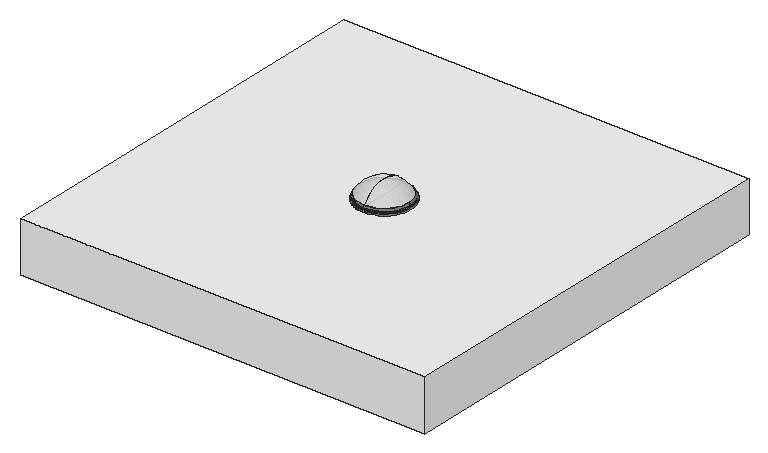
Revit family "Sarlam_Eclairage_Hublot_Astreo_T1_Anti_Vandale_Diam_330mm_800Lm", category Luminaires, Revit 2020
Family settings
  Hôte = Face
  Cote de connecteur circulaire = Utiliser le diamètre
  Type d'élément = Normal
  Couper avec des vides une fois chargée = Non
  Source d'éclairage = Oui
  Partagée = Non
  Point de calcul de pièce = Non
Parameters (values of type "Détection ANTHRACITE")
  Zone plafond formes 8à9 [instance] = and(Diamètre externe = 328 mm, or(Antivandale Forme 9), not([Afficher la zone de détection-pose murale]), [Afficher la zone de détection-pose plafond])  # no
  Zone murale formes 8à9 [instance] = and(Diamètre externe = 328 mm, or(Antivandale Forme 9), [Afficher la zone de détection-pose murale], not([Afficher la zone de détection-pose plafond]))  # no
  Zone de détection = "Détection à 2.50m haut Plafond: Ø12m maxi Mur: Ellipse 10*8m"
  URL = "http://www.legrandoc.com/SL532196"
  Type de variation = "Non régulable"
  Type de tension = "CA"
  Tension nominale (Un) V MIN = 207
  Tension nominale (Un) V MAX = 253
  built-in parameter 1150107 = 3200 (stored number, unit not read)
  Température de couleur K MIN = 4000
  Température de couleur K MAX = 4000
  Source lumineuse = "Led non interchangeable"
  Répartition lumineuse = "Symétrique"
  Puissance du système W = 11
  Puissance de la source lumineuse W = ""
  Puissance de la lampe en Multiwatt = "Autre"
  Wattage = 9.2903 W
  built-in parameter 1150110 = 1 (stored number, unit not read)
  built-in parameter 1150109 = 1 (stored number, unit not read)
  built-in parameter 1114218 = 1 (stored number, unit not read)
  built-in parameter 1150113 = 1 (stored number, unit not read)
  built-in parameter 1150112 = 1 (stored number, unit not read)
  built-in parameter 1150137 = (empty or 0)
  built-in parameter 1150132 = (empty or 0)
  Modèle = "SL-532196"
  Longueur d'encastrement = 0 mm
  Longueur = 328 mm
  Largeur d'encastrement = 328 mm
  Largeur = 328 mm
  built-in parameter 1150105 = 109.82 (stored number, unit not read)
  built-in parameter 1150102 = (empty or 0)
  Hauteur/profondeur d'encastrement = 0 mm
  Hauteur/profondeur = 107 mm
  Dimming Lamp Color Temperature Shift = (empty or 0)
  Lumens = 1380 lm
  Color Filter = 16777215
  Fichier de distribution photométrique = "SL532180.ies"
  built-in parameter 1114217 = 1 (stored number, unit not read)
  built-in parameter 1150139 = (empty or 0)
  Fabricant = "LEGRAND"
  Emettre à partir du diamètre du cercle = 250 mm
  Emettre la visibilité des formes dans le rendu = no
  built-in parameter 1150104 = 13.8 (stored number, unit not read)
  built-in parameter 1150106 = 1.0982 (stored number, unit not read)
  built-in parameter 1150115 = 1 (stored number, unit not read)
  built-in parameter 1150114 = 1 (stored number, unit not read)
  Diamètre externe = 328 mm
  Diamètre d'encastrement = 0 mm
  Description = "ASTREO 800LM 4000K  AV DETECTION ANTHRACITE"
  built-in parameter 1150138 = (empty or 0)
  built-in parameter 1150134 = 3
  Condition Générale d'Utilisation = "https://export.legrand.com/CGU-objets-BIM"
  Angle de l'inclinaison = 0.00°
  Afficher la zone de détection-pose plafond [instance] = no
  Afficher la zone de détection-pose murale [instance] = no
  Matériau du boîtier/corps = Plastique
  Indice de rendu des couleurs CRI = "80-89"
  Indice de protection contre les chocs (IK) = "IK09"
  Indice de protection (IP) = "IP44"
  Flux lumineux utile lm = 800
  Default Elevation = 2500 mm
  Douille = "Sans"
  Courant nominal mA MIN = 61
  Courant nominal mA MAX = 84
  Couleur du boîtier/corps = LEGRAND - Anthracite
  Classe de protection = "II"
  Avec détecteur de mouvement = yes
  Avec détecteur crépusculaire = no
  Appareillage = "Appareil à LED commandé en courant"
  Antivandale Forme 9 = yes
  Angle du faisceau = "Faisceau libre"
  Afficher l'étiquette de zone [instance] = no
  Adapté à une suspension = no
  Adapté à un montage encastré = no
  Adapté à un montage en saillie = yes
  Adapté à un montage en applique = yes
  Adapté à un montage au plafond = yes
  built-in parameter 1150133 = 10 (stored number, unit not read)
Types (4, lengths in mm): name | Zone de détection | URL | Puissance du système W | Modèle | Description | Couleur du boîtier/corps | Avec détecteur de mouvement
  ON/OFF BLANC | "" | "http://www.legrandoc.com/SL532190" | 10.5 | "SL-532190" | "ASTREO 800LM 4000K  AV ON/OFF BLANC" | LEGRAND - Blanc | no
  ON/OFF ANTHRACITE | "" | "http://www.legrandoc.com/SL532191" | 10.5 | "SL-532191" | "ASTREO 800LM 4000K  AV ON/OFF ANTHRACITE" | LEGRAND - Anthracite | no
  Détection BLANC | "Détection à 2.50m haut Plafond: Ø12m maxi Mur: Ellipse 10*8m" | "http://www.legrandoc.com/SL532195" | 11 | "SL-532195" | "ASTREO 800LM 4000K  AV DETECTION BLANC" | LEGRAND - Blanc | yes
  Détection ANTHRACITE | "Détection à 2.50m haut Plafond: Ø12m maxi Mur: Ellipse 10*8m" | "http://www.legrandoc.com/SL532196" | 11 | "SL-532196" | "ASTREO 800LM 4000K  AV DETECTION ANTHRACITE" | LEGRAND - Anthracite | yes
Reference planes
  plane 1 "Centre (avant/arrière)": y = 0
  plane 2: z = 0
  plane 3 "Centre (gauche/droite)": x = 0
  plane 4: z = 127
Forms (mm)
  Extrusion 1, solid, material "Blanc"
    sketch origin (0, 0, 0) x (1, 0, 0) y (0, 1, 0)
      loop
        line (-1219.2, 1219.2) -> (-1219.2, -1219.2) -> (1219.2, -1219.2) -> (1219.2, 1219.2) -> (-1219.2, 1219.2)
    from 0 to -304.8
Lines and regions (mm)
  model lines, not visible
    curve 1: line (0, 0, 0) -> (0, 0, 2230)
    curve 2: line (0, 0, 0) -> (0, 3300, 0)
    curve 3: line (0, 0, 0) -> (-2620, 0, 0)
Dimensions and locks
  level to plane 4 = 127 mm
  aligned and locked: plane 2 to Extrusion 1
  aligned and locked: level to Extrusion 1
Nested families
  nested 1: "Zone de détection murale Chartres-Astreo" at (0, 0, 0) x (0, 0, 1) z (0, -1, 0), visible <- "Afficher la zone de détection-pose murale", type "Zone de détection murale"
  nested 2: "Formes 1-2-3-4-6-7-8-9" at (0, 0, 0), type "Formes"
    with Antivandale Forme 9 yes
  nested 3: "Zone de détection plafond Chartres-Astreo" at (0, 0, 2500), visible <- "Afficher la zone de détection-pose plafond", type "Zone de détection plafond"
    with Zone plafond Formes 8à9 no
  nested 4: "Zone de détection murale Chartres-Astreo" at (0, 0, 0) x (0, 0, 1) z (1, 0, 0), visible <- "Afficher la zone de détection-pose murale", type "Zone de détection murale"
  nested 5: "Etiquette de zone" at (0, 205.247, 0) x (-1, 0, 0) z (0, 0, 1), visible <- "Afficher l'étiquette de zone", type "Etiquette de zone"
Connectors
  electrical at (0, 0, 0)
    settings: on nested 2, index 1, voltage 230 V, apparent load 0 VA, apparent load phase1 0 VA, apparent load phase2 0 VA, apparent load phase3 0 VA, power factor 1, load classification "Eclairage", number of poles 1, system type 30, power factor state 1, is connector primary yes, connector utility no, sub classification motor no, connector description ""
Definition of nested family "Formes 1-2-3-4-6-7-8-9"
  Parameters (values of type "Formes")
    Standard Forme 8 = no
    Standard Formes 1-3-6 = no
    Matériau hublot = none
    Matériau corps = none
    Fl = if(Diamètre total < 325 mm, 70 mm, if(Diamètre total = 328 mm, 107 mm, 90 mm))  # 107 mm
    Default Elevation = 0 mm
    Dimension hublot = if(Diamètre total = 300 mm, 121.1 mm, if(Diamètre total = 322 mm, 129.3 mm, if(Diamètre total = 328 mm, 148.6 mm, if(Diamètre total = 420 mm, 179.2 mm, 185.3 mm))))  # 148.6 mm
    Diamètre total = 328 mm
    Courbure = if(Diamètre total = 300 mm, 195.7 mm, if(Diamètre total = 322 mm, 220.2 mm, if(Diamètre total = 328 mm, 179.2 mm, if(Diamètre total = 420 mm, 290 mm, 307.8 mm))))  # 179.2 mm
    Couleur corps = none
    Antivandale Forme 9 = no
    Antivandale Formes 2-4-7 = no
  Reference planes
    plane 1 "Centre (avant/arrière)": y = 0
    plane 2: z = 0
    plane 3 "Centre (gauche/droite)": x = 0
    plane 4: y = 164
    plane 5: y = -164
    plane 6: y = 148.6
  Forms (mm)
    Revolve 1, solid, material <- "Matériau hublot"
      sketch origin (0, 0, 0) x (0, 0, -1) y (0, 1, 0)
        loop
          arc (-28, 148.6) -> (-86.03, 84.151) -> (-107, 0) r 179.2
          line (-107, 0) -> (-28, 0) -> (-28, 148.6)
        axis (-28, 0) -> (-107, 0)
      angle from 0 to 360
  Dimensions and locks
    equal spacing: plane 4, plane 1 "Centre (avant/arrière)", plane 5
    "Diamètre total": plane 4 to plane 5
    equal spacing: plane 5, plane 1 "Centre (avant/arrière)", plane 4
    "Dimension hublot": plane 1 "Centre (avant/arrière)" to plane 6
    "Fl": Revolve 1 sketch curve to plane 2
    "Courbure": radius of Revolve 1 sketch curve
    aligned and locked: level to plane 2
    aligned and locked: plane 6 to Revolve 1 sketch curve
    aligned and locked: plane 2 to nested 2
  Automatic sketch dimensions
    Revolve 1 sketch curve to plane 1 "Centre (avant/arrière)" = 0 mm  (x2)
    level to Revolve 1 sketch curve = 28 mm
    Revolve 1 sketch curve to Revolve 1 sketch curve = 1811.469 mm
    Revolve 1 sketch curve to Revolve 1 sketch curve = 1147.22 mm
  Nested families
    nested 1: "Corps standard Formes 1-3-6" at (0, 0, 0), visible <- "Standard Formes 1-3-6", type "Corps standard Formes 1-3-6"
      with Diamètre 328 mm
    nested 2: "Corps antivandale Formes 2-4-7" at (0, 0, 0), visible <- "Antivandale Formes 2-4-7", type "Corps antivandale Formes 2-4-7"
      with Diamètre 328 mm
    nested 3: "Corps standard Forme 8" at (0, 0, 0), visible <- "Standard Forme 8", type "Corps standard Forme 8"
    nested 4: "Corps antivandale Forme 9" at (0, 0, 0), visible <- "Antivandale Forme 9", type "Corps antivandale Forme 9"
  Definition of nested family "Corps standard Formes 1-3-6"
    Parameters (values of type "Corps standard")
      Matériau corps = none
      Default Elevation = 0 mm
      Couleur corps = none
      Diamètre = 322 mm
      Courbure = if(Diamètre < 400 mm, 195.7 mm, 290 mm)  # 195.7 mm
    Reference planes
      plane 1 "Centre (avant/arrière)": y = 0
      plane 2: z = 0
      plane 3 "Centre (gauche/droite)": x = 0
      plane 4: y = 161
      plane 5: y = -161
      plane 6: z = 28
    Forms (mm)
      Revolve 1, solid, material <- "Couleur corps"
        sketch origin (0, 0, 0) x (0, 0, -1) y (0, 1, 0)
          loop
            line (0, 0) -> (0, 161)
            arc (0, 161) -> (-14.55, 149.906) -> (-28, 137.502) r 195.7
            line (-28, 137.502) -> (-28, 0) -> (0, 0)
          axis (0, 0) -> (-28, 0)
        angle from 0 to 360
    Dimensions and locks
      equal spacing: plane 4, plane 1 "Centre (avant/arrière)", plane 5
      "Diamètre": plane 4 to plane 5
      equal spacing: plane 5, plane 1 "Centre (avant/arrière)", plane 4
      "Courbure": radius of Revolve 1 sketch curve
      aligned and locked: level to plane 2
      aligned and locked: plane 2 to Revolve 1  (x2)
      aligned and locked: Revolve 1 to plane 2
      aligned and locked: plane 6 to Revolve 1
    Automatic sketch dimensions
      Revolve 1 sketch curve to plane 1 "Centre (avant/arrière)" = 0 mm  (x3)
      Revolve 1 sketch curve to plane 6 = 0 mm
      Revolve 1 sketch curve to level = 0 mm
      Revolve 1 sketch curve to plane 4 = 0 mm
      plane 6 to Revolve 1 sketch curve = 1833.51 mm
      Revolve 1 sketch curve to Revolve 1 sketch curve = 1167.217 mm
  Definition of nested family "Corps antivandale Formes 2-4-7"
    Parameters (values of type "Corps antivandale")
      Rayon réseau vis = if(Diamètre < 400 mm, 137.2 mm, 193.2 mm)  # 137.2 mm
      Matériau corps = none
      Default Elevation = 0 mm
      Diamètre = 322 mm
      Courbure = if(Diamètre < 400 mm, 220.2 mm, 307.8 mm)  # 220.2 mm
      Couleur corps = none
    Reference planes
      plane 1 "Centre (avant/arrière)": y = 0
      plane 2: z = 0
      plane 3 "Centre (gauche/droite)": x = 0
      plane 4: y = 161
      plane 5: y = -161
      plane 6: z = 28
      plane 7: through (0, 0, 1200) normal (0.5, 0.866, 0)
      plane 8: through (0, 0, 1200) normal (0.5, -0.866, 0)
    Forms (mm)
      Revolve 1, solid, material <- "Couleur corps"
        sketch origin (0, 0, 0) x (0, 0, -1) y (0, 1, 0)
          loop
            line (0, 0) -> (0, 161)
            arc (0, 161) -> (-14.762, 145.835) -> (-28, 129.323) r 220.2
            line (-28, 129.323) -> (-28, 0) -> (0, 0)
          axis (0, 0) -> (-28, 0)
        angle from 0 to 360
      Extrusion 2, solid, material <- "Couleur corps"
        sketch origin (0, -0.04, 0) x (1, 0, 0) y (0, 1, 0)
          loop
            line (-4, 129.32) -> (-4, 137.3)
            arc (-4, 137.3) -> (0, 141.3) -> (4, 137.3) r 4
            line (4, 137.3) -> (4, 129.32)
            arc (4, 129.32) -> (5, 129.285) -> (6, 129.243) r 129.323
            line (6, 129.243) -> (6, 137.3)
            arc (6, 137.3) -> (0, 143.3) -> (-6, 137.3) r 6
            line (-6, 137.3) -> (-6, 129.243)
            arc (-6, 129.243) -> (-5, 129.285) -> (-4, 129.32) r 129.323
        from 15.189 to 28
      Extrusion 3, solid, material <- "Couleur corps"
        sketch origin (-0.035, 0.02, 0) x (-0.5, -0.866025, 0) y (0.866025, -0.5, 0)
          loop
            line (-4, 129.32) -> (-4, 137.3)
            arc (-4, 137.3) -> (0, 141.3) -> (4, 137.3) r 4
            line (4, 137.3) -> (4, 129.32)
            arc (4, 129.32) -> (5, 129.285) -> (6, 129.243) r 129.323
            line (6, 129.243) -> (6, 137.3)
            arc (6, 137.3) -> (0, 143.3) -> (-6, 137.3) r 6
            line (-6, 137.3) -> (-6, 129.243)
            arc (-6, 129.243) -> (-5, 129.285) -> (-4, 129.32) r 129.323
        from 15.189 to 28
      Extrusion 4, solid, material <- "Couleur corps"
        sketch origin (0.035, 0.02, 0) x (-0.5, 0.866025, 0) y (-0.866025, -0.5, 0)
          loop
            line (-4, 129.32) -> (-4, 137.3)
            arc (-4, 137.3) -> (0, 141.3) -> (4, 137.3) r 4
            line (4, 137.3) -> (4, 129.32)
            arc (4, 129.32) -> (5, 129.285) -> (6, 129.243) r 129.323
            line (6, 129.243) -> (6, 137.3)
            arc (6, 137.3) -> (0, 143.3) -> (-6, 137.3) r 6
            line (-6, 137.3) -> (-6, 129.243)
            arc (-6, 129.243) -> (-5, 129.285) -> (-4, 129.32) r 129.323
        from 15.189 to 28
      Revolve 5, solid
        sketch origin (0, 0.018, -12.656) x (0, 1, 0) y (0, 0, 1)
          loop
            line (136.525, 38.942) -> (136.525, 29.094) -> (136.962, 29.907) -> (137.751, 35.518) -> (140.148, 38.942) -> (136.525, 38.942)
          axis (136.525, 29.094) -> (136.525, 38.942)
        angle from 0 to 360
      Revolve 6, solid
        sketch origin (0.016, -0.009, -12.656) x (0.866025, -0.5, 0) y (0, 0, 1)
          loop
            line (136.525, 38.942) -> (136.525, 29.094) -> (136.962, 29.907) -> (137.751, 35.518) -> (140.148, 38.942) -> (136.525, 38.942)
          axis (136.525, 29.094) -> (136.525, 38.942)
        angle from 0 to 360
      Revolve 7, solid
        sketch origin (-0.016, -0.009, -12.656) x (-0.866025, -0.5, 0) y (0, 0, 1)
          loop
            line (136.525, 38.942) -> (136.525, 29.094) -> (136.962, 29.907) -> (137.751, 35.518) -> (140.148, 38.942) -> (136.525, 38.942)
          axis (136.525, 29.094) -> (136.525, 38.942)
        angle from 0 to 360
    Cuts and joins
      joined: Revolve 1, Extrusion 2
    Lines and regions (mm)
      model lines
        curve 1: line (-2.5, 136.543, 26.285) -> (2.5, 136.543, 26.285)
        curve 2: line (0, 138.995, 26.285) -> (0, 133.995, 26.285)
        curve 3: line (119.5, -66.107, 26.285) -> (117, -70.437, 26.285)
        curve 4: line (120.373, -69.497, 26.285) -> (116.043, -66.997, 26.285)
        curve 5: line (-117, -70.437, 26.285) -> (-119.5, -66.107, 26.285)
        curve 6: line (-120.373, -69.497, 26.285) -> (-116.043, -66.997, 26.285)
    Dimensions and locks
      equal spacing: plane 4, plane 1 "Centre (avant/arrière)", plane 5
      "Diamètre": plane 4 to plane 5
      equal spacing: plane 5, plane 1 "Centre (avant/arrière)", plane 4
      "Courbure": radius of Revolve 1 sketch curve
      "Rayon réseau vis": radius of radial array
      aligned and locked: level to plane 2
      aligned and locked: plane 2 to Revolve 1  (x2)
      aligned and locked: Revolve 1 to plane 2
      aligned and locked: plane 6 to Revolve 1
    Automatic sketch dimensions
      Extrusion 2 sketch curve to Extrusion 2 sketch curve = 0 mm  (x9)
      Extrusion 2 sketch curve to Extrusion 2 sketch curve = 7.98 mm
      Extrusion 2 sketch curve to Extrusion 2 sketch curve = 0.077 mm
      Extrusion 2 sketch curve to Extrusion 2 sketch curve = 2 mm
      Extrusion 2 sketch curve to Extrusion 2 sketch curve = 4 mm
      Extrusion 2 sketch curve to Extrusion 2 sketch curve = 6 mm
      Extrusion 3 sketch curve to Extrusion 3 sketch curve = 0 mm  (x9)
      Extrusion 3 sketch curve to Extrusion 3 sketch curve = 7.98 mm
      Extrusion 3 sketch curve to Extrusion 3 sketch curve = 0.077 mm
      Extrusion 3 sketch curve to Extrusion 3 sketch curve = 2 mm
      Extrusion 3 sketch curve to Extrusion 3 sketch curve = 4 mm
      Extrusion 3 sketch curve to Extrusion 3 sketch curve = 6 mm
      Extrusion 4 sketch curve to Extrusion 4 sketch curve = 0 mm  (x9)
      Extrusion 4 sketch curve to Extrusion 4 sketch curve = 7.98 mm
      Extrusion 4 sketch curve to Extrusion 4 sketch curve = 0.077 mm
      Extrusion 4 sketch curve to Extrusion 4 sketch curve = 2 mm
      Extrusion 4 sketch curve to Extrusion 4 sketch curve = 4 mm
      Extrusion 4 sketch curve to Extrusion 4 sketch curve = 6 mm
      Revolve 7 sketch curve to Revolve 7 sketch curve = 0.437 mm  (x2)
      Revolve 7 sketch curve to Revolve 7 sketch curve = 1.226 mm  (x2)
      Revolve 7 sketch curve to Revolve 7 sketch curve = 2.397 mm
      Revolve 7 sketch curve to Revolve 7 sketch curve = 0.813 mm  (x2)
      Revolve 7 sketch curve to Revolve 7 sketch curve = 5.611 mm  (x2)
      Revolve 7 sketch curve to Revolve 7 sketch curve = 3.424 mm  (x2)
      Revolve 7 sketch curve to Revolve 7 sketch curve = 0 mm  (x2)
      Revolve 7 sketch curve to Revolve 7 sketch curve = 0.975 mm
      Revolve 7 sketch curve to Revolve 7 sketch curve = 3.281 mm  (x2)
      Revolve 5 sketch curve to Revolve 5 sketch curve = 0.437 mm  (x2)
      Revolve 5 sketch curve to Revolve 5 sketch curve = 1.226 mm  (x2)
      Revolve 5 sketch curve to Revolve 5 sketch curve = 3.623 mm
      Revolve 5 sketch curve to Revolve 5 sketch curve = 5.611 mm  (x2)
      Revolve 5 sketch curve to Revolve 5 sketch curve = 3.424 mm  (x2)
      Revolve 5 sketch curve to Revolve 5 sketch curve = 0 mm  (x2)
      Revolve 5 sketch curve to Revolve 5 sketch curve = 0.813 mm  (x2)
      Revolve 5 sketch curve to Revolve 5 sketch curve = 0.162 mm
      Revolve 5 sketch curve to Revolve 5 sketch curve = 3.281 mm  (x2)
      Revolve 6 sketch curve to Revolve 6 sketch curve = 0.437 mm  (x2)
      Revolve 6 sketch curve to Revolve 6 sketch curve = 1.226 mm  (x2)
      Revolve 6 sketch curve to Revolve 6 sketch curve = 3.623 mm
      Revolve 6 sketch curve to Revolve 6 sketch curve = 5.611 mm  (x2)
      Revolve 6 sketch curve to Revolve 6 sketch curve = 3.424 mm  (x2)
      Revolve 6 sketch curve to Revolve 6 sketch curve = 0 mm  (x2)
      Revolve 6 sketch curve to Revolve 6 sketch curve = 0.813 mm  (x2)
      Revolve 6 sketch curve to Revolve 6 sketch curve = 0.162 mm
      Revolve 6 sketch curve to Revolve 6 sketch curve = 3.281 mm  (x2)
      Revolve 7 sketch curve to Revolve 7 sketch curve = 3.623 mm
      Revolve 7 sketch curve to Revolve 7 sketch curve = 0.162 mm
      curve 2 to Revolve 5 = 0 mm
      curve 2 to curve 1 = 2.548 mm
      curve 1 to curve 2 = 2.452 mm
      Revolve 5 to curve 1 = 2.5 mm
      curve 1 to Revolve 5 = 2.5 mm
      curve 4 to Revolve 6 = 0 mm
      curve 4 to curve 3 = 2.548 mm
      curve 3 to curve 4 = 2.452 mm
      Revolve 6 to curve 3 = 2.5 mm
      curve 3 to Revolve 6 = 2.5 mm
      curve 6 to Revolve 7 = 0 mm
      curve 6 to curve 5 = 2.548 mm
      curve 5 to curve 6 = 2.452 mm
      Revolve 7 to curve 5 = 2.5 mm
      curve 5 to Revolve 7 = 2.5 mm
      Revolve 5 sketch curve to Revolve 5 sketch curve = 2.397 mm
      Revolve 5 sketch curve to Revolve 5 sketch curve = 0.975 mm
      Revolve 6 sketch curve to Revolve 6 sketch curve = 2.397 mm
      Revolve 6 sketch curve to Revolve 6 sketch curve = 0.975 mm
      Revolve 1 sketch curve to plane 1 "Centre (avant/arrière)" = 0 mm  (x3)
      Revolve 1 sketch curve to plane 6 = 0 mm
      Revolve 1 sketch curve to level = 0 mm
      Revolve 1 sketch curve to plane 4 = 0 mm
      plane 6 to Revolve 1 sketch curve = 1833.51 mm
      Revolve 1 sketch curve to Revolve 1 sketch curve = 1128.321 mm
  Definition of nested family "Corps standard Forme 8"
    Parameters (values of type "Corps standard Forme 8")
      Matériau corps = none
      Default Elevation = 0 mm
      Couleur corps = none
      Diamètre = 328 mm
    Reference planes
      plane 1 "Centre (avant/arrière)": y = 0
      plane 2: z = 0
      plane 3 "Centre (gauche/droite)": x = 0
      plane 4: y = 164
      plane 5: y = -164
      plane 6: z = 28
      plane 7: y = 7.5
      plane 8: y = -7.5
    Forms (mm)
      Revolve 1, solid, material <- "Couleur corps"
        sketch origin (0, 0, 0) x (0, 0, -1) y (0, 1, 0)
          loop
            line (0, 0) -> (0, 164)
            arc (0, 164) -> (-14.345, 156.905) -> (-28, 148.559) r 179.182
            line (-28, 148.559) -> (-28, 0) -> (0, 0)
          axis (0, 0) -> (-28, 0)
        angle from 0 to 360
      Sweep 2, void
        path origin (0, 0, 0) x (1, 0, 0) y (0, 1, 0)
          loop
            arc (153.049, 7.5) -> (0, 153.232) -> (-153.049, 7.5) r 153.232
        profile origin (0, 153.232, 0) x (0, -1, 0) y (0, 0, 1)
          loop
            line (-5.469, 6.213) -> (-10.469, 16.465) -> (-10.469, 6.213) -> (-5.469, 6.213)
      Sweep 3, void
        path origin (0, 0, 0) x (1, 0, 0) y (0, 1, 0)
          loop
            arc (153.049, 7.5) -> (0, 153.232) -> (-153.049, 7.5) r 153.232
        profile origin (0, 153.232, 0) x (0, -1, 0) y (0, 0, 1)
          loop
            line (-1.643, 13.471) -> (-6.643, 23.723) -> (-6.643, 13.471) -> (-1.643, 13.471)
      Sweep 4, void
        path origin (0, 0, 0) x (1, 0, 0) y (0, -1, 0)
          loop
            arc (153.049, 7.5) -> (0, 153.232) -> (-153.049, 7.5) r 153.232
        profile origin (0, -153.232, 0) x (0, -1, 0) y (0, 0, 1)
          loop
            line (1.643, 13.471) -> (6.643, 13.471) -> (6.643, 23.723) -> (1.643, 13.471)
      Sweep 5, void
        path origin (0, 0, 0) x (1, 0, 0) y (0, -1, 0)
          loop
            arc (153.049, 7.5) -> (0, 153.232) -> (-153.049, 7.5) r 153.232
        profile origin (0, -153.232, 0) x (0, -1, 0) y (0, 0, 1)
          loop
            line (5.469, 6.213) -> (10.469, 6.213) -> (10.469, 16.465) -> (5.469, 6.213)
    Cuts and joins
      Sweep 2, Sweep 3, Sweep 4, Sweep 5 cuts Revolve 1
    Dimensions and locks
      equal spacing: plane 4, plane 1 "Centre (avant/arrière)", plane 5
      "Diamètre": plane 4 to plane 5
      equal spacing: plane 5, plane 1 "Centre (avant/arrière)", plane 4
      aligned and locked: level to plane 2
      aligned and locked: plane 2 to Revolve 1  (x2)
      aligned and locked: Revolve 1 to plane 2
      aligned and locked: plane 6 to Revolve 1
    Automatic sketch dimensions
      Sweep 2 sketch curve to plane 7 = 0 mm  (x2)
      plane 1 "Centre (avant/arrière)" to Sweep 2 sketch curve = 0 mm
      Sweep 2 sketch curve to plane 3 "Centre (gauche/droite)" = 0 mm
      Sweep 2 sketch curve to plane 3 "Centre (gauche/droite)" = 153.049 mm
      Sweep 3 sketch curve to plane 7 = 0 mm  (x2)
      plane 1 "Centre (avant/arrière)" to Sweep 3 sketch curve = 0 mm
      Sweep 3 sketch curve to plane 3 "Centre (gauche/droite)" = 0 mm
      Sweep 3 sketch curve to plane 3 "Centre (gauche/droite)" = 153.049 mm
      Sweep 4 sketch curve to plane 8 = 0 mm  (x2)
      plane 1 "Centre (avant/arrière)" to Sweep 4 sketch curve = 0 mm
      Sweep 4 sketch curve to plane 3 "Centre (gauche/droite)" = 0 mm
      plane 3 "Centre (gauche/droite)" to Sweep 4 sketch curve = 153.049 mm
      Sweep 5 sketch curve to plane 8 = 0 mm  (x2)
      plane 1 "Centre (avant/arrière)" to Sweep 5 sketch curve = 0 mm
      Sweep 5 sketch curve to plane 3 "Centre (gauche/droite)" = 0 mm
      plane 3 "Centre (gauche/droite)" to Sweep 5 sketch curve = 153.049 mm
      Revolve 1 sketch curve to plane 1 "Centre (avant/arrière)" = 0 mm  (x3)
      Revolve 1 sketch curve to plane 6 = 0 mm
      Revolve 1 sketch curve to level = 0 mm
      Revolve 1 sketch curve to plane 4 = 0 mm
      Revolve 1 sketch curve to Revolve 1 sketch curve = 72.182 mm
      plane 6 to Revolve 1 sketch curve = 1833.51 mm
      Revolve 1 sketch curve to Revolve 1 sketch curve = 1201.817 mm
      profile plane to Sweep 2 sketch curve = 10.469 mm
      Sweep 2 sketch curve to Sweep 2 sketch curve = 5 mm
      level to Sweep 2 sketch curve = 6.213 mm
      Sweep 2 sketch curve to Sweep 2 sketch curve = 10.252 mm
      profile plane to Sweep 3 sketch curve = 6.643 mm
      profile plane to Sweep 3 sketch curve = 1.643 mm
      level to Sweep 3 sketch curve = 13.471 mm
      Sweep 3 sketch curve to Sweep 3 sketch curve = 10.252 mm
      Sweep 4 sketch curve to profile plane = 1.643 mm
      Sweep 4 sketch curve to profile plane = 6.643 mm
      level to Sweep 4 sketch curve = 13.471 mm
      Sweep 4 sketch curve to Sweep 4 sketch curve = 10.252 mm
      Sweep 5 sketch curve to profile plane = 5.469 mm
      Sweep 5 sketch curve to profile plane = 10.469 mm
      level to Sweep 5 sketch curve = 6.213 mm
      Sweep 5 sketch curve to Sweep 5 sketch curve = 10.252 mm
  Definition of nested family "Corps antivandale Forme 9"
    Parameters (values of type "Corps antivandale Forme 9")
      Matériau corps = none
      Default Elevation = 0 mm
      Couleur corps = none
      Diamètre = 328 mm
    Reference planes
      plane 1 "Centre (avant/arrière)": y = 0
      plane 2: z = 0
      plane 3 "Centre (gauche/droite)": x = 0
      plane 4: y = 164
      plane 5: y = -164
      plane 6: z = 28
      plane 7: y = 7.5
      plane 8: y = -7.5
    Forms (mm)
      Revolve 1, solid, material <- "Couleur corps"
        sketch origin (0, 0, 0) x (0, 0, -1) y (0, 1, 0)
          loop
            line (0, 0) -> (0, 164)
            arc (0, 164) -> (-14.345, 156.905) -> (-28, 148.559) r 179.182
            line (-28, 148.559) -> (-28, 0) -> (0, 0)
          axis (0, 0) -> (-28, 0)
        angle from 0 to 360
      Extrusion 2, void
        sketch origin (-1.406, 0, 0) x (1, 0, 0) y (0, 1, 0)
          loop
            circle (157.486, 0) r 5
        from 5.665 to 28
      Sweep 3, void
        path origin (0, 0, 0) x (1, 0, 0) y (0, 1, 0)
          loop
            arc (153.049, 7.5) -> (0, 153.232) -> (-153.049, 7.5) r 153.232
        profile origin (0, 153.232, 0) x (0, -1, 0) y (0, 0, 1)
          loop
            line (-5.469, 6.213) -> (-10.469, 16.465) -> (-10.469, 6.213) -> (-5.469, 6.213)
      Extrusion 4, void
        sketch origin (1.406, 0, 0) x (-1, 0, 0) y (0, -1, 0)
          loop
            circle (157.486, 0) r 5
        from 5.665 to 28
      Sweep 5, void
        path origin (0, 0, 0) x (1, 0, 0) y (0, 1, 0)
          loop
            arc (153.049, 7.5) -> (0, 153.232) -> (-153.049, 7.5) r 153.232
        profile origin (0, 153.232, 0) x (0, -1, 0) y (0, 0, 1)
          loop
            line (-1.643, 13.471) -> (-6.643, 23.723) -> (-6.643, 13.471) -> (-1.643, 13.471)
      Sweep 6, void
        path origin (0, 0, 0) x (1, 0, 0) y (0, -1, 0)
          loop
            arc (153.049, 7.5) -> (0, 153.232) -> (-153.049, 7.5) r 153.232
        profile origin (0, -153.232, 0) x (0, -1, 0) y (0, 0, 1)
          loop
            line (1.643, 13.471) -> (6.643, 13.471) -> (6.643, 23.723) -> (1.643, 13.471)
      Sweep 7, void
        path origin (0, 0, 0) x (1, 0, 0) y (0, -1, 0)
          loop
            arc (153.049, 7.5) -> (0, 153.232) -> (-153.049, 7.5) r 153.232
        profile origin (0, -153.232, 0) x (0, -1, 0) y (0, 0, 1)
          loop
            line (5.469, 6.213) -> (10.469, 6.213) -> (10.469, 16.465) -> (5.469, 6.213)
      Revolve 8, solid
        sketch origin (-156.149, -136.533, -30.469) x (0, 1, 0) y (0, 0, 1)
          loop
            line (136.525, 38.942) -> (136.525, 31.651) -> (137.319, 32.445) -> (137.923, 36.741) -> (139.106, 38.942) -> (136.525, 38.942)
          axis (136.525, 31.651) -> (136.525, 38.942)
        angle from 0 to 360
      Revolve 9, solid
        sketch origin (156.149, -136.533, -30.469) x (0, 1, 0) y (0, 0, -1)
          loop
            line (136.525, -38.942) -> (139.106, -38.942) -> (137.923, -36.741) -> (137.319, -32.445) -> (136.525, -31.651) -> (136.525, -38.942)
          axis (136.525, -31.651) -> (136.525, -38.942)
        angle from 0 to 360
    Cuts and joins
      Extrusion 2, Sweep 3, Extrusion 4, Sweep 5, Sweep 6, Sweep 7 cuts Revolve 1
    Lines and regions (mm)
      model lines
        curve 1: line (-156.149, 1.39, 8.473) -> (-156.149, -1.406, 8.473)
        curve 2: line (-157.503, 0, 8.473) -> (-154.615, 0, 8.473)
        curve 3: line (156.149, 1.39, 8.473) -> (156.149, -1.406, 8.473)
        curve 4: line (157.503, 0, 8.473) -> (154.615, 0, 8.473)
    Dimensions and locks
      equal spacing: plane 4, plane 1 "Centre (avant/arrière)", plane 5
      "Diamètre": plane 4 to plane 5
      equal spacing: plane 5, plane 1 "Centre (avant/arrière)", plane 4
      aligned and locked: level to plane 2
      aligned and locked: plane 2 to Revolve 1  (x2)
      aligned and locked: Revolve 1 to plane 2
      aligned and locked: plane 6 to Revolve 1
    Automatic sketch dimensions
      plane 1 "Centre (avant/arrière)" to Extrusion 2 sketch curve = 0 mm
      plane 3 "Centre (gauche/droite)" to Extrusion 2 sketch curve = 156.08 mm
      Sweep 3 sketch curve to plane 7 = 0 mm  (x2)
      plane 1 "Centre (avant/arrière)" to Sweep 3 sketch curve = 0 mm
      Sweep 3 sketch curve to plane 3 "Centre (gauche/droite)" = 0 mm
      Sweep 3 sketch curve to plane 3 "Centre (gauche/droite)" = 153.049 mm
      plane 1 "Centre (avant/arrière)" to Extrusion 4 sketch curve = 0 mm
      plane 3 "Centre (gauche/droite)" to Extrusion 4 sketch curve = 156.08 mm
      Sweep 5 sketch curve to plane 7 = 0 mm  (x2)
      plane 1 "Centre (avant/arrière)" to Sweep 5 sketch curve = 0 mm
      Sweep 5 sketch curve to plane 3 "Centre (gauche/droite)" = 0 mm
      Sweep 5 sketch curve to plane 3 "Centre (gauche/droite)" = 153.049 mm
      Sweep 6 sketch curve to plane 8 = 0 mm  (x2)
      plane 1 "Centre (avant/arrière)" to Sweep 6 sketch curve = 0 mm
      Sweep 6 sketch curve to plane 3 "Centre (gauche/droite)" = 0 mm
      plane 3 "Centre (gauche/droite)" to Sweep 6 sketch curve = 153.049 mm
      Sweep 7 sketch curve to plane 8 = 0 mm  (x2)
      plane 1 "Centre (avant/arrière)" to Sweep 7 sketch curve = 0 mm
      Sweep 7 sketch curve to plane 3 "Centre (gauche/droite)" = 0 mm
      plane 3 "Centre (gauche/droite)" to Sweep 7 sketch curve = 153.049 mm
      Revolve 1 sketch curve to plane 1 "Centre (avant/arrière)" = 0 mm  (x3)
      Revolve 1 sketch curve to plane 6 = 0 mm
      Revolve 1 sketch curve to level = 0 mm
      Revolve 1 sketch curve to plane 4 = 0 mm
      Revolve 1 sketch curve to Revolve 1 sketch curve = 72.182 mm
      plane 6 to Revolve 1 sketch curve = 1833.51 mm
      Revolve 1 sketch curve to Revolve 1 sketch curve = 1201.817 mm
      profile plane to Sweep 3 sketch curve = 10.469 mm
      Sweep 3 sketch curve to Sweep 3 sketch curve = 5 mm
      level to Sweep 3 sketch curve = 6.213 mm
      Sweep 3 sketch curve to Sweep 3 sketch curve = 10.252 mm
      profile plane to Sweep 5 sketch curve = 6.643 mm
      profile plane to Sweep 5 sketch curve = 1.643 mm
      level to Sweep 5 sketch curve = 13.471 mm
      Sweep 5 sketch curve to Sweep 5 sketch curve = 10.252 mm
      Sweep 6 sketch curve to profile plane = 1.643 mm
      Sweep 6 sketch curve to profile plane = 6.643 mm
      level to Sweep 6 sketch curve = 13.471 mm
      Sweep 6 sketch curve to Sweep 6 sketch curve = 10.252 mm
      Sweep 7 sketch curve to profile plane = 5.469 mm
      Sweep 7 sketch curve to profile plane = 10.469 mm
      level to Sweep 7 sketch curve = 6.213 mm
      Sweep 7 sketch curve to Sweep 7 sketch curve = 10.252 mm
      plane 1 "Centre (avant/arrière)" to Revolve 8 sketch curve = 0.008 mm  (x2)
      Revolve 8 sketch curve to plane 1 "Centre (avant/arrière)" = 0.786 mm
      Revolve 8 sketch curve to plane 1 "Centre (avant/arrière)" = 1.39 mm
      Revolve 8 sketch curve to Revolve 8 sketch curve = 1.183 mm
      level to Revolve 8 sketch curve = 1.183 mm
      Revolve 8 sketch curve to Revolve 8 sketch curve = 0.794 mm
      Revolve 8 sketch curve to Revolve 8 sketch curve = 4.296 mm
      Revolve 8 sketch curve to Revolve 8 sketch curve = 2.201 mm
      Revolve 8 sketch curve to level = 0.4 mm
      Revolve 8 sketch curve to Revolve 8 sketch curve = 3.281 mm
      plane 1 "Centre (avant/arrière)" to Revolve 9 sketch curve = 0.008 mm  (x2)
      Revolve 9 sketch curve to plane 1 "Centre (avant/arrière)" = 0.786 mm
      Revolve 9 sketch curve to plane 1 "Centre (avant/arrière)" = 1.39 mm
      Revolve 9 sketch curve to Revolve 9 sketch curve = 1.183 mm
      level to Revolve 9 sketch curve = 8.473 mm
      Revolve 9 sketch curve to Revolve 9 sketch curve = 2.201 mm
      level to Revolve 9 sketch curve = 1.977 mm
      Revolve 9 sketch curve to Revolve 9 sketch curve = 0.794 mm
      Revolve 9 sketch curve to Revolve 9 sketch curve = 3.281 mm
      Revolve 9 sketch curve to level = 0.4 mm
      curve 1 to Revolve 8 = 0 mm
      curve 1 to curve 3 = 0 mm
      curve 1 to curve 2 = 1.406 mm
      curve 3 to curve 4 = 1.406 mm
      curve 4 to curve 3 = 1.39 mm
      curve 2 to curve 1 = 1.39 mm
      Revolve 8 to curve 2 = 1.534 mm
      curve 4 to curve 2 = 309.23 mm
      curve 3 to curve 4 = 1.534 mm
      curve 4 to curve 3 = 1.354 mm
      curve 2 to Revolve 8 = 1.354 mm
      radius of Extrusion 2 sketch curve = 5 mm
      radius of Extrusion 4 sketch curve = 5 mm
Definition of nested family "Zone de détection murale Chartres-Astreo"
  Parameters (values of type "Zone de détection murale")
    Zone murale Formes 8à9 = no
    Zone murale Formes 1à7 = no
  Reference planes
    plane 1 "Centre (avant/arrière)": y = 0
    plane 2: z = 0
    plane 3 "Centre (gauche/droite)": x = 0
    plane 4: x = 3500
    plane 5: y = 1000
    plane 6: x = 10000
    plane 7: y = 3500
    plane 8: x = 13000
    plane 9: y = 4000
    plane 10: x = 17000
    plane 11: y = 8000
    plane 12: x = 6000
    plane 13: x = 8000
  Lines and regions (mm)
    detail lines, in view "Niveau de réf.", visible <- "Zone murale Formes 1à7"
      curve 1: spline (0, 0, 0) -> (59.63, 258.819, 0) -> (234.456, 500, 0) -> (512.563, 707.107, 0) -> (875, 866.025, 0) -> (1297.067, 965.926, 0) -> (1750, 1000, 0) -> (2202.933, 965.926, 0) -> (2625, 866.025, 0) -> (2987.437, 707.107, 0) -> (3265.544, 500, 0) -> (3440.37, 258.819, 0) -> (3500, 0, 0) -> (3440.37, -258.819, 0) -> (3265.544, -500, 0) -> (2987.437, -707.107, 0) -> (2625, -866.025, 0) -> (2202.933, -965.926, 0) -> (1750, -1000, 0) -> (1297.067, -965.926, 0) -> (875, -866.025, 0) -> (512.563, -707.107, 0) -> (234.456, -500, 0) -> (59.63, -258.819, 0) -> (0, 0, 0)
      curve 2: spline (0, 0, 0) -> (170.371, 905.867, 0) -> (669.873, 1750, 0) -> (1464.466, 2474.874, 0) -> (2500, 3031.089, 0) -> (3705.905, 3380.74, 0) -> (5000, 3500, 0) -> (6294.095, 3380.74, 0) -> (7500, 3031.089, 0) -> (8535.534, 2474.874, 0) -> (9330.127, 1750, 0) -> (9829.629, 905.867, 0) -> (10000, 0, 0) -> (9829.629, -905.867, 0) -> (9330.127, -1750, 0) -> (8535.534, -2474.874, 0) -> (7500, -3031.089, 0) -> (6294.095, -3380.74, 0) -> (5000, -3500, 0) -> (3705.905, -3380.74, 0) -> (2500, -3031.089, 0) -> (1464.466, -2474.874, 0) -> (669.873, -1750, 0) -> (170.371, -905.867, 0) -> (0, 0, 0)
      curve 3: spline (0, 0, 0) -> (221.482, 1035.276, 0) -> (870.835, 2000, 0) -> (1903.806, 2828.427, 0) -> (3250, 3464.102, 0) -> (4817.676, 3863.703, 0) -> (6500, 4000, 0) -> (8182.324, 3863.703, 0) -> (9750, 3464.102, 0) -> (11096.194, 2828.427, 0) -> (12129.165, 2000, 0) -> (12778.518, 1035.276, 0) -> (13000, 0, 0) -> (12778.518, -1035.276, 0) -> (12129.165, -2000, 0) -> (11096.194, -2828.427, 0) -> (9750, -3464.102, 0) -> (8182.324, -3863.703, 0) -> (6500, -4000, 0) -> (4817.676, -3863.703, 0) -> (3250, -3464.102, 0) -> (1903.806, -2828.427, 0) -> (870.835, -2000, 0) -> (221.482, -1035.276, 0) -> (0, 0, 0)
      curve 4: spline (0, 0, 0) -> (289.63, 2070.552, 0) -> (1138.784, 4000, 0) -> (2489.592, 5656.854, 0) -> (4250, 6928.203, 0) -> (6300.038, 7727.407, 0) -> (8500, 8000, 0) -> (10699.962, 7727.407, 0) -> (12750, 6928.203, 0) -> (14510.408, 5656.854, 0) -> (15861.216, 4000, 0) -> (16710.37, 2070.552, 0) -> (17000, 0, 0) -> (16710.37, -2070.552, 0) -> (15861.216, -4000, 0) -> (14510.408, -5656.854, 0) -> (12750, -6928.203, 0) -> (10699.962, -7727.407, 0) -> (8500, -8000, 0) -> (6300.038, -7727.407, 0) -> (4250, -6928.203, 0) -> (2489.592, -5656.854, 0) -> (1138.784, -4000, 0) -> (289.63, -2070.552, 0) -> (0, 0, 0)
    detail lines, in view "Niveau de réf.", visible <- "Zone murale Formes 8à9"
      curve 5: spline (0, 0, 0) -> (102.223, 258.819, 0) -> (401.924, 500, 0) -> (878.68, 707.107, 0) -> (1500, 866.025, 0) -> (2223.543, 965.926, 0) -> (3000, 1000, 0) -> (3776.457, 965.926, 0) -> (4500, 866.025, 0) -> (5121.32, 707.107, 0) -> (5598.076, 500, 0) -> (5897.777, 258.819, 0) -> (6000, 0, 0) -> (5897.777, -258.819, 0) -> (5598.076, -500, 0) -> (5121.32, -707.107, 0) -> (4500, -866.025, 0) -> (3776.457, -965.926, 0) -> (3000, -1000, 0) -> (2223.543, -965.926, 0) -> (1500, -866.025, 0) -> (878.68, -707.107, 0) -> (401.924, -500, 0) -> (102.223, -258.819, 0) -> (0, 0, 0)
      curve 6: spline (0, 0, 0) -> (136.297, 647.048, 0) -> (535.898, 1250, 0) -> (1171.573, 1767.767, 0) -> (2000, 2165.064, 0) -> (2964.724, 2414.815, 0) -> (4000, 2500, 0) -> (5035.276, 2414.815, 0) -> (6000, 2165.064, 0) -> (6828.427, 1767.767, 0) -> (7464.102, 1250, 0) -> (7863.703, 647.048, 0) -> (8000, 0, 0) -> (7863.703, -647.048, 0) -> (7464.102, -1250, 0) -> (6828.427, -1767.767, 0) -> (6000, -2165.064, 0) -> (5035.276, -2414.815, 0) -> (4000, -2500, 0) -> (2964.724, -2414.815, 0) -> (2000, -2165.064, 0) -> (1171.573, -1767.767, 0) -> (535.898, -1250, 0) -> (136.297, -647.048, 0) -> (0, 0, 0)
      curve 7: spline (0, 0, 0) -> (170.371, 1035.276, 0) -> (669.873, 2000, 0) -> (1464.466, 2828.427, 0) -> (2500, 3464.102, 0) -> (3705.905, 3863.703, 0) -> (5000, 4000, 0) -> (6294.095, 3863.703, 0) -> (7500, 3464.102, 0) -> (8535.534, 2828.427, 0) -> (9330.127, 2000, 0) -> (9829.629, 1035.276, 0) -> (10000, 0, 0) -> (9829.629, -1035.276, 0) -> (9330.127, -2000, 0) -> (8535.534, -2828.427, 0) -> (7500, -3464.102, 0) -> (6294.095, -3863.703, 0) -> (5000, -4000, 0) -> (3705.905, -3863.703, 0) -> (2500, -3464.102, 0) -> (1464.466, -2828.427, 0) -> (669.873, -2000, 0) -> (170.371, -1035.276, 0) -> (0, 0, 0)
  Dimensions and locks
    plane 3 "Centre (gauche/droite)" to plane 4 = 3500 mm
    plane 1 "Centre (avant/arrière)" to plane 5 = 1000 mm
    plane 3 "Centre (gauche/droite)" to plane 6 = 10000 mm
    plane 7 to plane 1 "Centre (avant/arrière)" = 3500 mm
    plane 3 "Centre (gauche/droite)" to plane 8 = 13000 mm
    plane 1 "Centre (avant/arrière)" to plane 9 = 4000 mm
    plane 3 "Centre (gauche/droite)" to plane 10 = 17000 mm
    plane 1 "Centre (avant/arrière)" to plane 11 = 8000 mm
    plane 3 "Centre (gauche/droite)" to plane 12 = 6000 mm
    plane 3 "Centre (gauche/droite)" to plane 13 = 8000 mm
Definition of nested family "Zone de détection plafond Chartres-Astreo"
  Parameters (values of type "Zone de détection plafond")
    Zone plafond Formes 8à9 = yes
    Zone plafond Formes 1à7 = no
  Reference planes
    plane 1 "Centre (avant/arrière)": y = 0
    plane 2: z = 0
    plane 3 "Centre (gauche/droite)": x = 0
  Lines and regions (mm)
    detail lines, in view "Niveau de réf.", visible <- "Zone plafond Formes 1à7"
      curve 1: circle (0, 0, 0) r 500 normal (0, 0, 1)
      curve 2: circle (0, 0, 0) r 1000 normal (0, 0, 1)
      curve 3: circle (0, 0, 0) r 2000 normal (0, 0, 1)
      curve 4: circle (0, 0, 0) r 3000 normal (0, 0, 1)
    detail lines, in view "Niveau de réf.", visible <- "Zone plafond Formes 8à9"
      curve 5: circle (0, 0, 0) r 1500 normal (0, 0, 1)
      curve 6: circle (0, 0, 0) r 4000 normal (0, 0, 1)
      curve 7: circle (0, 0, 0) r 6000 normal (0, 0, 1)
Definition of nested family "Etiquette de zone"
  Parameters (values of type "Etiquette de zone")
    Etiquette de zone = ""
  Reference planes
    plane 1: y = 0
    plane 2: x = 0
  Text (mm)
    label "Etiquette de zone" at (0.013, -4.46, 0), shows "Etiquette de zone"
